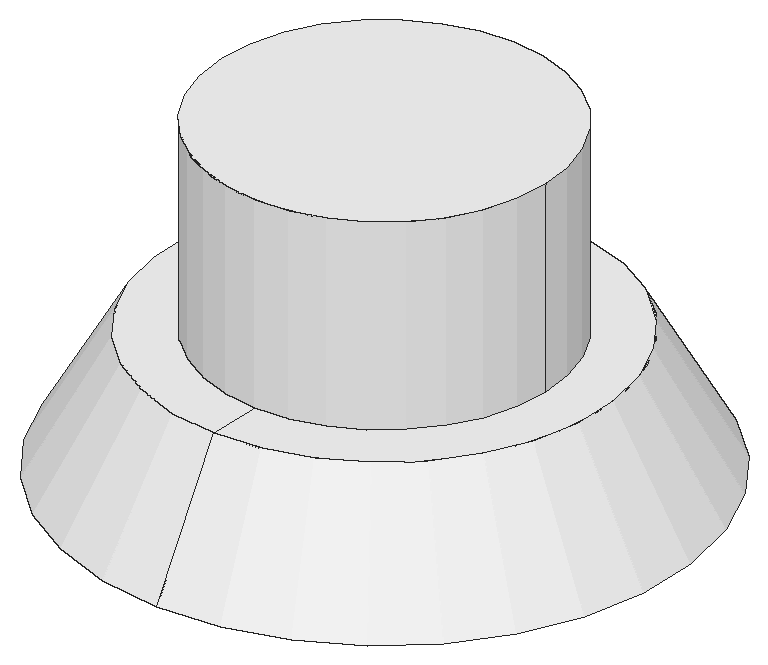
Revit family "EV_CONE 32_9372793", category Modelos genéricos, Revit 2018
Family settings
  Puede alojar armadura = No
  Cota de conector redondo = Diámetro de uso
  Tipo de pieza = Normal
  Número OmniClass = 35.51.14.00
  Título OmniClass = FORMWORK
  Se basa en plano de trabajo = Sí
  Siempre vertical = No
  Corte con vacíos al cargar = No
  Compartido = Sí
  Punto de cálculo de habitación = No
Parameters
  VERSION = "20170217"  # constant formula
  URL = "www.ulmaconstruction.com/en"
  UNICLASS = ""
  Fabricante = "ULMA CONSTRUCTION"  # constant formula
  ITEM_CODE = "9372793"
  FILTER [instance] = ""
  Default Elevation = 0.000 mm
  CLASSIFICATION_TITLE = ""
  CLASSIFICATION_NUMBER = ""
Reference planes
  plane 1 "Centro (Frontal/Posterior)": y = 0
  plane 2: z = 0
  plane 3 "Centro (Izquierda/Derecha)": x = 0
Forms (mm)
  Extrusion 1, solid, material "ULMA PLASTIC", detail levels medium+fine
    sketch origin (0, 0, 0) x (0, -1, 0) y (1, 0, 0)
      loop
        circle (0, 0) r 15.6
    from 12 to 30
  Revolve 2, solid, material "ULMA PLASTIC", detail levels medium+fine
    sketch origin (0, 0, 0) x (0, 1, 0) y (0, 0, 1)
      loop
        line (0, 12) -> (0, 0) -> (27.528, 0) -> (20.6, 12) -> (0, 12)
      axis (0, 12) -> (0, 0)
    angle from 0 to 360
Lines and regions (mm)
  model lines, style "ULMA CONSUMABLES", detail levels medium+fine
    curve 1: circle (0, 0, 0) r 15.3 normal (0, 0, 1)
    curve 2: circle (0, 0, 30) r 15.3 normal (0, 0, 1)
Dimensions and locks
  aligned and locked: level to plane 2
